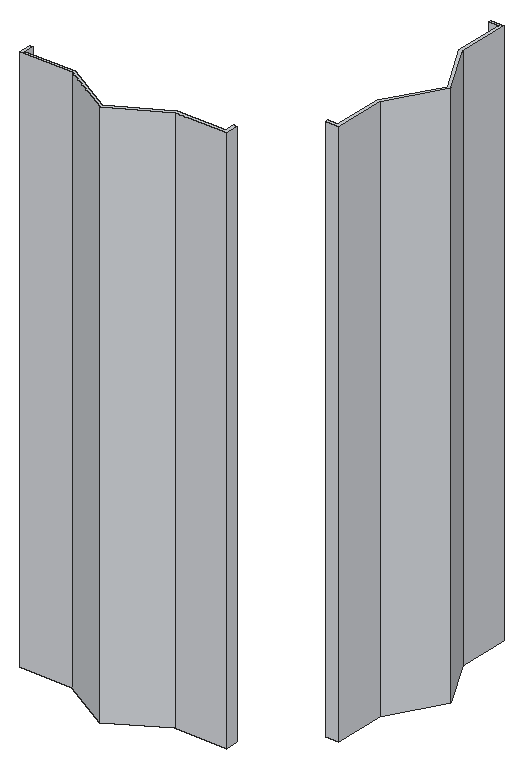
Revit family "outside_octagon", category Generic Models, Revit 2025
Family settings
  Can host rebar = No
  Round Connector Dimension = Use Diameter
  Part Type = Normal
  Work Plane-Based = No
  Always vertical = Yes
  Cut with Voids When Loaded = No
  Maintain Annotation Orientation = No
  Shared = No
  Room Calculation Point = No
Parameters
  Inner Angle = 120.075°
  Outer Angle = 150.037°
  Octagon Side Size = 0' - 7.85302"
  Nominal Diameter = 0' - 4 1/2"
  Length = 1' - 0"
  Inside Spacing = Diameter Inner / 2  # 0' - 2 1/4"
  Guage = 0' - 0 1/16"
  Diameter Outer = Nominal Diameter * 1.8889  # 0' - 8.50005"
  Diameter Inner = Nominal Diameter  # 0' - 4 1/2"
  Default Elevation = 0' - 0"
Reference planes (in)
  plane 1 "Center (Front/Back)": y = 0
  plane 2: z = 0
  plane 3 "Center (Left/Right)": x = 0
  plane 4: y = 4.25002
  plane 5: y = -4.25003
  plane 6: x = -4.25002
  plane 7: x = 4.25003
  plane 8: x = -2.25
  plane 9: x = 2.25
  plane 10: y = 2.25
  plane 11: y = -2.25
  plane 12: through (0, 0, 48) normal (0.7071, 0.7071, 0)
  plane 13: y = 1.125
  plane 14: y = -1.125
  plane 15: x = -1.125
  plane 16: x = 1.125
  plane 17: y = -0.75
  plane 18: y = 0.75
  plane 19: x = -0.75
  plane 20: x = 0.75
  plane 21: through (0, 0, 48) normal (-0.7071, 0.7071, 0)
  plane 22: through (-0.09785, 4.29056, 48) normal (0.3827, 0.9239, 0)
  plane 23: through (-3.00522, -3.00522, 48) normal (0.3827, 0.9239, 0)
  plane 24: through (-3.00522, 3.00522, 48) normal (-0.3827, 0.9239, 0)
  plane 25: through (-19.89016, 11.4064, 48) normal (0.3827, 0.9239, 0)
  plane 26: through (-22.6601, -6.21849, 48) normal (-0.3827, 0.9239, 0)
Forms (in)
  Extrusion 1, solid
    sketch origin (0, 0, 0) x (1, 0, 0) y (0, 1, 0)
      loop
        line (-2.25, -3.31804) -> (-2.25, -3.60149) -> (-1.125, -3.60149) -> (0, -4.25003) -> (1.125, -3.60149) -> (2.25, -3.60149) -> (2.25, -3.31804) -> (2.1875, -3.31804) -> (2.1875, -3.53899) -> (1.10828, -3.53899) -> (0, -4.17788) -> (-1.10828, -3.53899) -> (-2.1875, -3.53899) -> (-2.1875, -3.31804) -> (-2.25, -3.31804)
      loop
        line (3.31895, 2.25) -> (3.31895, 2.1875) -> (3.53989, 2.1875) -> (3.53989, 1.10796) -> (4.17878, -0.00031) -> (3.53989, -1.10859) -> (3.53989, -2.1875) -> (3.31895, -2.1875) -> (3.31895, -2.25) -> (3.60239, -2.25) -> (3.60239, -1.12531) -> (4.25093, -0.00031) -> (3.60239, 1.12469) -> (3.60239, 2.25) -> (3.31895, 2.25)
    from 0 to 12
Lines and regions (in)
  model lines
    curve 1: circle (0, 0, 0) r 4.25003 normal (0, 0, 1)
    curve 2: circle (0, 0, 0) r 2.25 normal (0, 0, 1)
    curve 3: line (0, 4.25002, 0) -> (-3.00522, 3.00522, 0)
    curve 4: line (-3.00522, 3.00522, 0) -> (-4.25002, 0, 0)
    curve 5: line (-4.25002, 0, 0) -> (-3.00522, -3.00522, 0)
    curve 6: line (-3.00522, -3.00522, 0) -> (0, -4.25003, 0)
    curve 7: line (0, -4.25003, 0) -> (3.00522, -3.00522, 0)
    curve 8: line (3.00522, -3.00522, 0) -> (4.25003, 0, 0)
    curve 9: line (4.25003, 0, 0) -> (3.00522, 3.00522, 0)
    curve 10: line (3.00522, 3.00522, 0) -> (0, 4.25002, 0)
Dimensions and locks (in)
  equal spacing: plane 6, plane 3 "Center (Left/Right)", plane 7
  equal spacing: plane 5, plane 1 "Center (Front/Back)", plane 4
  "Diameter Outer": plane 4 to plane 5
  "Diameter Outer": plane 6 to plane 7
  equal spacing: plane 11, plane 1 "Center (Front/Back)", plane 10
  "Diameter Inner": plane 10 to plane 11
  equal spacing: plane 8, plane 3 "Center (Left/Right)", plane 9
  "Diameter Inner": plane 8 to plane 9
  equal spacing: plane 14, plane 1 "Center (Front/Back)", plane 13
  "Inside Spacing": plane 14 to plane 13
  equal spacing: plane 15, plane 3 "Center (Left/Right)", plane 16
  "Inside Spacing": plane 15 to plane 16
  equal spacing: plane 11, plane 17, plane 18, plane 10
  equal spacing: plane 8, plane 19, plane 20, plane 9
  "Octagon Side Size": plane 22 to plane 23
  "Guage": Extrusion 1 sketch curve to Extrusion 1 sketch curve  (x12)
  "Diameter Outer": diameter of curve 1
  "Diameter Inner": diameter of curve 2
  "Outer Angle": angle Extrusion 1 sketch curve to Extrusion 1 sketch curve  (x2)
  "Inner Angle": angle Extrusion 1 sketch curve to Extrusion 1 sketch curve
  aligned and locked: plane 2 to level
  aligned and locked: plane 3 "Center (Left/Right)" to curve 1
  aligned and locked: plane 1 "Center (Front/Back)" to curve 1
  aligned and locked: Extrusion 1 sketch curve to plane 8
  aligned and locked: plane 9 to Extrusion 1 sketch curve
  aligned and locked: plane 15 to Extrusion 1 sketch curve
  aligned and locked: plane 16 to Extrusion 1 sketch curve
  aligned and locked: plane 3 "Center (Left/Right)" to Extrusion 1 sketch curve
  aligned and locked: Extrusion 1 sketch curve to plane 10
  aligned and locked: plane 11 to Extrusion 1 sketch curve
Automatic sketch dimensions
  curve 1 to curve 2 = 0' - 0"  (x2)
  curve 3 to plane 12 = 0' - 0"
  curve 6 to plane 21 = 0' - 0"
  curve 3 to plane 3 "Center (Left/Right)" = 0' - 0"
  curve 6 to plane 3 "Center (Left/Right)" = 0' - 0"
  curve 8 to plane 12 = 0' - 0"
  curve 10 to plane 21 = 0' - 0"
  plane 1 "Center (Front/Back)" to curve 8 = 0' - 0"
  plane 1 "Center (Front/Back)" to curve 5 = 0' - 0"
  Extrusion 1 sketch curve to plane 5 = 0' - 0"
  Extrusion 1 sketch curve to plane 23 = 0' - 0"
  plane 7 to Extrusion 1 sketch curve = 0' - 0.93108"  (x2)
  Extrusion 1 sketch curve to Extrusion 1 sketch curve = 0' - 0.22094"  (x2)
  Extrusion 1 sketch curve to plane 13 = 0' - 0.01704"
  plane 7 to Extrusion 1 sketch curve = 0' - 0.71014"
  plane 1 "Center (Front/Back)" to Extrusion 1 sketch curve = 0' - 0.00031"  (x2)
  plane 7 to Extrusion 1 sketch curve = 0' - 0.07124"
